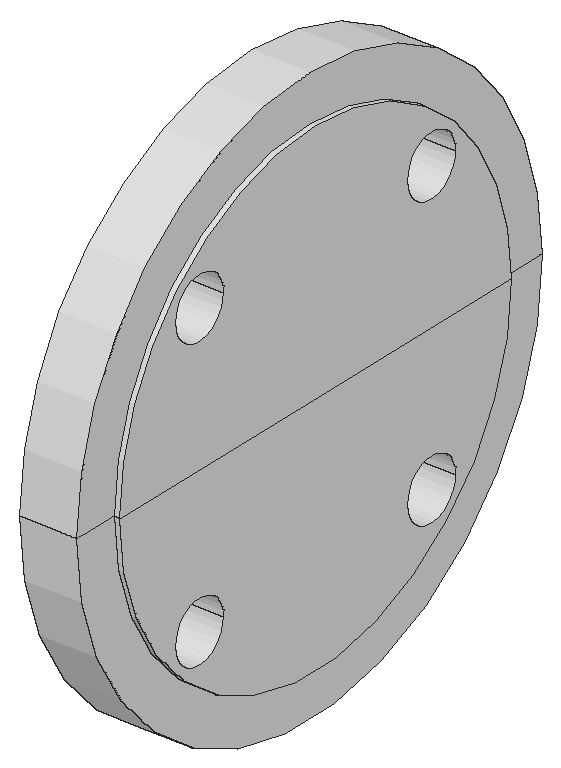
Revit family "EP-Система_Фитинг_НПВХ_Фланцевая заглушка", category Соединительные детали трубопроводов, Revit 2019
Family settings
  Размер круглого соединителя = Использовать диаметр
  Тип детали = Заглушка
  На основе рабочей плоскости = Нет
  Всегда вертикально = Да
  При загрузке вырезать с полостями = Нет
  Общий = Да
Parameters (values of type "EP-Система")
  Поиск в таблице имен = "EP-Система_Фитинг_НПВХ_Фланцевая заглушка"  # constant formula
  s [instance] = size_lookup(Поиск в таблице имен, "s", 28 mm, d)  # 28 mm
  d [instance] = 160 mm
  I [instance] = size_lookup(Поиск в таблице имен, "I", 240 mm, d)  # 240 mm
  E *2/3 [instance] = E / 4  # 71.25 mm
  E [instance] = size_lookup(Поиск в таблице имен, "E", 285 mm, d)  # 285 mm
  ADSK_Наименование [instance] = size_lookup(Поиск в таблице имен, "ADSK_Наименование", "Нет в каталоге", d)  # "Фланецевая заглушка, DN160"
  ADSK_Масса_Текст [instance] = size_lookup(Поиск в таблице имен, "ADSK_Масса_Текст", "Нет в каталоге", d)  # "1,62"
  ADSK_Масса [instance] = 0
  ADSK_Марка = ""
  ADSK_Код изделия [instance] = size_lookup(Поиск в таблице имен, "ADSK_Код изделия", "Нет в каталоге", d)  # "ЕР-FE0160"
  ADSK_Завод-изготовитель = "Agpipe"  # constant formula
  ADSK_Единица измерения = "шт."  # constant formula
Reference planes
  plane 1 "По центру (Вперед/Назад)": y = 0
  plane 2: z = 0
  plane 3 "По центру (Влево/Вправо)": x = 0
  plane 4: x = -14
  plane 5: x = 14
  plane 6: y = 142.5
  plane 7: y = -142.5
  plane 8: y = -120
  plane 9: y = 120
  plane 10: x = 17
Forms (mm)
  Revolve 1, solid, material "05 Пластик ПВХ Белый"
    sketch origin (0, 0, 0) x (1, 0, 0) y (0, 1, 0)
      loop
        line (-14, 0) -> (-14, -142.5) -> (14, -142.5) -> (14, -120) -> (17, -120) -> (17, 0) -> (-14, 0)
      axis (17, 0) -> (-14, 0)
    angle from 0 to 360
  Extrusion 2, void
    sketch origin (0, 0, 0) x (0, 1, 0) y (0, 0, 1)
      loop
        circle (71.25, 71.25) r 15
      loop
        circle (-71.25, 71.25) r 15
      loop
        circle (71.25, -71.25) r 15
      loop
        circle (-71.25, -71.25) r 15
    from -14 to 17
Cuts and joins
  Extrusion 2 cuts Revolve 1
Dimensions and locks
  equal spacing: plane 4, plane 3 "По центру (Влево/Вправо)", plane 5
  "s": plane 4 to plane 5
  equal spacing: plane 9, plane 1 "По центру (Вперед/Назад)", plane 8
  "I": plane 9 to plane 8
  equal spacing: plane 6, plane 1 "По центру (Вперед/Назад)", plane 7
  "E": plane 6 to plane 7
  locked: plane 5 to plane 10 at 3
  "E *2/3": Extrusion 2 sketch curve to level  (x2)
  "E *2/3": Extrusion 2 sketch curve to plane 1 "По центру (Вперед/Назад)"  (x2)
  "E *2/3": level to Extrusion 2 sketch curve  (x2)
  "E *2/3": plane 1 "По центру (Вперед/Назад)" to Extrusion 2 sketch curve  (x2)
  aligned and locked: level to plane 2
  aligned and locked: plane 1 "По центру (Вперед/Назад)" to Revolve 1 sketch curve
  aligned and locked: plane 4 to Revolve 1 sketch curve
  aligned and locked: plane 7 to Revolve 1 sketch curve
  aligned and locked: plane 5 to Revolve 1 sketch curve
  aligned and locked: Revolve 1 sketch curve to plane 8
  aligned and locked: Revolve 1 sketch curve to plane 10
  aligned and locked: Extrusion 2 to plane 4
  aligned and locked: Extrusion 2 to plane 10
Automatic sketch dimensions
  Revolve 1 sketch curve to plane 1 "По центру (Вперед/Назад)" = 0 mm
  Revolve 1 sketch curve to plane 4 = 1916.011 mm
  Revolve 1 sketch curve to plane 10 = 1913.011 mm
  radius of Extrusion 2 sketch curve = 15 mm  (x4)
Connectors
  piping at (17, 0, 0), diameter 160, driven by "d"
    settings: on cut or joined group of Revolve 1, Extrusion 2, index 1, connector inside diameter 609.6 mm, connector length 0 mm, flow factor 0, pipe flow 0.0 L/s, pressure drop 0.0 Pa, fitting loss kfactor 0, connector angle 0.00°, fixture units 0, engagement length 0 mm, angle of deflection 0.00°, flow configuration 0, flow direction 0, fitting loss method 0, system type 28, joint type 0, gender type 0, connector reference index -1, connector utility 0, adjustable connector no, is connector primary yes, connector description ""
